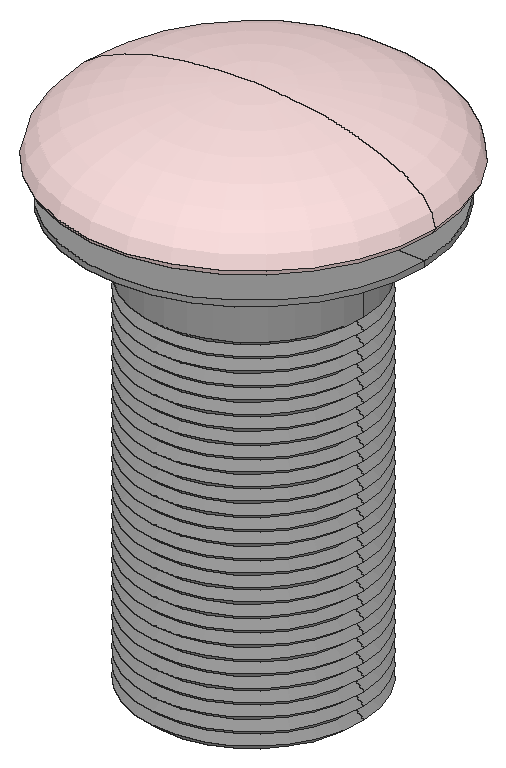
Revit family "BUILDMAT-POPCONPN-32mm_Concrete_Pop_Up_Waste-Champagne_Pink", category Plumbing Fixtures, Revit 2026
Family settings
  Round Connector Dimension = Use Diameter
  Part Type = Normal
  Work Plane-Based = Yes
  Enable Cutting in Views = Yes
  Always vertical = Yes
  Cut with Voids When Loaded = Yes
  Maintain Annotation Orientation = No
  Shared = No
  Room Calculation Point = No
Parameters
  Width = 66 mm
  PopUp_Material = BUILDMAT Champage Pink
  MainBody_Material = BUILDMAT Stainless Steel
  Lock_Material = BUILDMAT Brass Gold
  Depth = 66 mm
  Default Elevation = 1219.2 mm
Reference planes
  plane 1 "Center (Front/Back)": y = 0
  plane 2: z = 0
  plane 3 "Center (Left/Right)": x = 0
  plane 4: x = -33
  plane 5: x = 33
  plane 6: y = 33
  plane 7: y = -33
  plane 8: z = 1
  plane 9: z = -5
  plane 10: z = -12
  plane 11: z = -78.68
  plane 12: z = 19
Forms (mm)
  Revolve 1, solid, material "BUILDMAT Stainless Steel" <- "MainBody_Material"
    sketch origin (0, 0, -0.397) x (1, 0, 0) y (0, 0, 1)
      loop
        line (0, 1.248) -> (0, -11.603) -> (-19.988, -11.603) -> (-19.988, -3.848)
        arc (-19.988, -3.848) -> (-20.47, -2.811) -> (-21.441, -2.207) r 2
        line (-21.441, -2.207) -> (-31, 0.397) -> (-31, 1.397) -> (0, 1.397)
      axis (0, 1.397) -> (0, -11.603)
    angle from 0 to 360
  Revolve 2, solid, material "BUILDMAT Stainless Steel" <- "MainBody_Material"
    sketch origin (0, 0, -4.369) x (1, 0, 0) y (0, 0, 1)
      loop
        line (0, -7.631) -> (-19.952, -7.631) -> (-18.463, -8.794) -> (-19.958, -9.962) -> (-18.463, -11.131) -> (-19.958, -12.299) -> (-18.463, -13.467) -> (-19.958, -14.635) -> (-18.463, -15.803) -> (-19.958, -16.971) -> (-18.463, -18.139) -> (-19.958, -19.308) -> (-18.463, -20.476) -> (-19.958, -21.644) -> (-18.463, -22.812) -> (-19.958, -23.98) -> (-18.463, -25.148) -> (-19.958, -26.316) -> (-18.463, -27.485) -> (-19.958, -28.653) -> (-18.463, -29.821) -> (-19.958, -30.989) -> (-18.463, -32.157) -> (-19.958, -33.325) -> (-18.463, -34.493) -> (-19.958, -35.662) -> (-18.463, -36.83) -> (-19.958, -37.998) -> (-18.463, -39.166) -> (-19.958, -40.334) -> (-18.463, -41.502) -> (-19.958, -42.67) -> (-18.463, -43.839) -> (-19.958, -45.007) -> (-18.463, -46.175) -> (-19.958, -47.343) -> (-18.463, -48.511) -> (-19.958, -49.679) -> (-18.463, -50.847) -> (-19.958, -52.016) -> (-18.463, -53.184) -> (-19.958, -54.352) -> (-18.463, -55.52) -> (-19.958, -56.688) -> (-18.463, -57.856) -> (-19.958, -59.024) -> (-18.463, -60.193) -> (-19.958, -61.361) -> (-18.463, -62.529) -> (-19.958, -63.697) -> (-18.463, -64.865) -> (-19.958, -66.033) -> (-18.463, -67.201) -> (-19.958, -68.369) -> (-18.463, -69.538) -> (-19.958, -70.706) -> (-18.463, -71.874) -> (-19.958, -73.042) -> (-18.334, -74.311) -> (0, -74.311) -> (0, -7.631)
      axis (0, -7.631) -> (0, -74.311)
    angle from 0 to 360
  Extrusion 3, solid, material "BUILDMAT Brass Gold" <- "Lock_Material"
    sketch origin (0, 0, 0) x (1, 0, 0) y (0, 1, 0)
      loop
        circle (0, 0) r 14.5
    from 1 to 6
  Revolve 4, solid, material "BUILDMAT Champage Pink" <- "PopUp_Material"
    sketch origin (0, 0, 6) x (1, 0, 0) y (0, 0, 1)
      loop
        line (0, 0) -> (0, 13)
        spline (0, 13) -> (-4.307, 12.896) -> (-8.541, 12.587) -> (-12.629, 12.076) -> (-16.5, 11.374) -> (-20.089, 10.493) -> (-23.335, 9.446) -> (-26.181, 8.253) -> (-28.579, 6.933) -> (-30.488, 5.509) -> (-31.876, 4.007) -> (-32.718, 2.45) -> (-33, 0.866)
        line (-33, 0.866) -> (-32.5, 0) -> (0, 0)
      axis (0, 13) -> (0, 0)
    angle from 0 to 360
Text (mm)
  text "Refer to www.buildmat.com.au for the most current product literature. \nAllow a +/- 5mm tolerance for dimensions shown in the product literature. \nPlease note product details are subject to change due to ongoing product development." at (-1.255, -131.559, 0), in view "Ref. Level"
Dimensions and locks
  "Width": plane 4 to plane 5
  "Depth": plane 6 to plane 7
  plane 8 to plane 11 = 79.68 mm
  equal spacing: plane 6, plane 1 "Center (Front/Back)", plane 7
  equal spacing: plane 4, plane 3 "Center (Left/Right)", plane 5
  aligned and locked: level to plane 2
Automatic sketch dimensions
  Revolve 1 sketch curve to level = 0 mm
  Revolve 1 sketch curve to plane 3 "Center (Left/Right)" = 0 mm  (x3)
  Revolve 1 sketch curve to level = 4.245 mm
  plane 4 to Revolve 1 sketch curve = 13.012 mm
  Revolve 1 sketch curve to level = 2.604 mm
  Revolve 1 sketch curve to Revolve 1 sketch curve = 1.453 mm
  Revolve 1 sketch curve to Revolve 1 sketch curve = 1.979 mm
  plane 4 to Revolve 1 sketch curve = 2 mm
  Revolve 1 sketch curve to level = 12 mm
  Revolve 1 sketch curve to Revolve 1 sketch curve = 1 mm
  Revolve 1 sketch curve to Revolve 1 sketch curve = 0 mm
  Revolve 1 sketch curve to Revolve 1 sketch curve = 0.149 mm
  Revolve 1 sketch curve to Revolve 1 sketch curve = 0.245 mm
  Revolve 2 sketch curve to plane 3 "Center (Left/Right)" = 0 mm  (x2)
  plane 4 to Revolve 2 sketch curve = 14.666 mm
  plane 4 to Revolve 2 sketch curve = 14.537 mm  (x2)
  Revolve 2 sketch curve to Revolve 2 sketch curve = 0.129 mm
  Revolve 2 sketch curve to Revolve 2 sketch curve = 0 mm  (x25)
  Revolve 2 sketch curve to Revolve 2 sketch curve = 1.489 mm
  Revolve 2 sketch curve to Revolve 2 sketch curve = 1.495 mm  (x28)
  Revolve 2 sketch curve to level = 78.68 mm
  Revolve 2 sketch curve to Revolve 2 sketch curve = 1.269 mm
  Revolve 2 sketch curve to Revolve 2 sketch curve = 1.168 mm  (x55)
  Revolve 2 sketch curve to level = 12 mm
  Revolve 2 sketch curve to Revolve 2 sketch curve = 0.1 mm
  Revolve 2 sketch curve to Revolve 2 sketch curve = 0.211 mm
  plane 1 "Center (Front/Back)" to Extrusion 3 sketch curve = 0 mm
  Extrusion 3 sketch curve to plane 3 "Center (Left/Right)" = 0 mm
  Revolve 4 sketch curve to plane 4 = 0 mm
  Revolve 4 sketch curve to plane 3 "Center (Left/Right)" = 0 mm  (x2)
  plane 4 to Revolve 4 sketch curve = 0.5 mm
  level to Revolve 4 sketch curve = 6 mm
  Revolve 4 sketch curve to Revolve 4 sketch curve = 0.866 mm
  Revolve 4 sketch curve to Revolve 4 sketch curve = 12.134 mm
  Revolve 4 sketch curve to Revolve 4 sketch curve = 0 mm  (x2)
  radius of Extrusion 3 sketch curve = 14.5 mm
